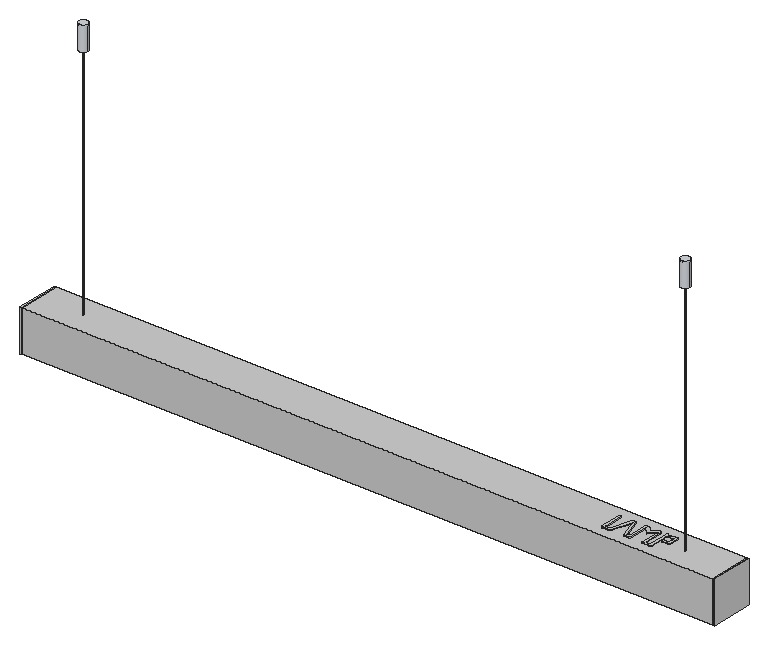
Revit family "LAMP_FIL 70 PRISMATIC SUSPENDED", category Luminarias, Revit 2015
Parameters (values of type "1162MM 2600LM 3000K GREY")
  Ángulo de inclinación = 90.00°
  Weight = 2.625 kg
  Type = "MID POWER PHILIPS"
  Suspension [instance] = 400.00 mm
  Protection rating = "IP42, IK06"
  Product datasheet = "https://www.lamp.es/product-files/TECH/F71SF120LOPR830NG-EN.pdf"
  Product code = "F71SF120LOPR830NG\r\nF71SF120LOPR830NG"
  Product URL = "https://www.lamp.es/en/family/fil-70_33399"
  Power Supply = "220-240V 50-60Hz"
  Power = 17 W
  Plum = 19.2 W
  NO COVER 2 [instance] = not(END COVER 2)  # no
  NO COVER 1 [instance] = not(END COVER 1)  # no
  Modelo = Product code  # "F71SF120LOPR830NG\r\nF71SF120LOPR830NG"
  Model explanation = "Availability of switching between accessories through visibility parameters when placed in a project."
  Material codo = LAMP_Aluminio Perfil Fil GR
  Material Difusor = LAMP_PC Difusor Prismático Fil
  Manufacturer name = "LAMP"
  Manufacturer country = "Spain"
  Manufacturer URL = "http://www.lamp.es/en"
  MacAdam = "3"
  Luminaire type = "Indoor - Modular System"
  Last update = "14/08/2020"
  Installation instructions = "https://www.lamp.es/product-files/INS/1002960-J-INSTR.%20ESTRUCTURA%20FIL%2070.pdf"
  IEE = "A+"
  Gear = "Electronic"
  Finish = "Gloss Grey"
  Fabricante = Manufacturer name  # "LAMP"
  Efficacy = 114.4 lm/W
  END COVER 2 [instance] = yes
  END COVER 1 [instance] = yes
  Descripción = "FIL 70 PRISM SUS 2600 WW GR."
  Comentarios de tipo = Model explanation  # "Availability of switching between accessories through visibility parameters when placed in a project."
  CRI = "80"
  LED Lifetime = "50000 L80 B10"
  Dimensiones = "1.162x70x70mm"
  Wattage = 19.4 W
  UniClass 2.0 Descripción = ""
  UniClass 2.0 Code = Product code  # "F71SF120LOPR830NG\r\nF71SF120LOPR830NG"
  UniClass 1.4 Descripción = ""
  UniClass 1.4 Code = Product code  # "F71SF120LOPR830NG\r\nF71SF120LOPR830NG"
  built-in parameter 1150110 = 1 (stored number, unit not read)
  Omniclass Descripción = ""
  OmniClass Code = ""
  Material Perfil = LAMP_Aluminio Perfil Fil GR
  Lámpara = "LED MID-POWER"
  Largo = 1162.00 mm
  IFC Clasificación = "Light Fixture"
  built-in parameter 1114217 = 1 (stored number, unit not read)
  built-in parameter 1150109 = 1 (stored number, unit not read)
  Suspension distance [instance] = if(Suspension > 4000.00 mm, 4000.00 mm, Suspension)  # 400.00 mm
  built-in parameter 1150134 = (empty or 0)
  built-in parameter 1150113 = 1 (stored number, unit not read)
  Lumens = 2219.36 lm
  built-in parameter 1150115 = 1 (stored number, unit not read)
  built-in parameter 1150105 = 176.61 (stored number, unit not read)
  built-in parameter 1150137 = (empty or 0)
  built-in parameter 1150139 = (empty or 0)
  built-in parameter 1150112 = 1 (stored number, unit not read)
  built-in parameter 1150114 = 1 (stored number, unit not read)
  built-in parameter 1150132 = 2
  built-in parameter 1150102 = (empty or 0)
  built-in parameter 1150138 = (empty or 0)
  built-in parameter 1150107 = 3000 (stored number, unit not read)
  built-in parameter 1150106 = 1.7661 (stored number, unit not read)
  Emit from Line Length = Largo  # 1162.00 mm
  built-in parameter 1150104 = 10.628 (stored number, unit not read)
  Insulation class = "I"
  Dimming Lamp Color Temperature Shift = (empty or 0)
  Color Filter = 16777215
  built-in parameter 1114218 = 1 (stored number, unit not read)
  CORNER 2 RIGHT [instance] = and(NO COVER 2, ACC CORNER 2, not(CORNER 2 LEFT))  # no
  CORNER 2 LEFT [instance] = and(NO COVER 2, ACC CORNER 2, CHANGE SIDE CORNER 2)  # no
  CORNER 1 RIGHT [instance] = and(NO COVER 1, ACC CORNER 1, not(CORNER 1 LEFT))  # no
  CORNER 1 LEFT [instance] = and(NO COVER 1, ACC CORNER 1, CHANGE SIDE CORNER 1)  # no
  CHANGE SIDE CORNER 2 [instance] = no
  CHANGE SIDE CORNER 1 [instance] = no
  Archivo de red fotométrica = "14741603.IES"
  ACC CORNER 2 [instance] = no
  ACC CORNER 1 [instance] = no
  built-in parameter 1150133 = 10 (stored number, unit not read)
Types (16, lengths in mm): name | Weight | Product datasheet | Product code | Power | Plum | Modelo | Material codo | Finish | Efficacy | Descripción | Dimensiones | Wattage | UniClass 2.0 Code | UniClass 1.4 Code | Material Perfil | Largo | built-in parameter 1150134 | Lumens | built-in parameter 1150105 | built-in parameter 1150107 | built-in parameter 1150106 | Emit from Line Length | built-in parameter 1150104 | Archivo de red fotométrica
  1162MM 2600LM 3000K GREY | 2.625 kg | "https://www.lamp.es/product-files/TECH/F71SF120LOPR830NG-EN.pdf" | "F71SF120LOPR830NG\r\nF71SF120LOPR830NG" | 17 W | 19.2 W | "F71SF120LOPR830NG\r\nF71SF120LOPR830NG" | LAMP_Aluminio Perfil Fil GR | "Gloss Grey" | 114.4 lm/W | "FIL 70 PRISM SUS 2600 WW GR." | "1.162x70x70mm" | 19.4 W | "F71SF120LOPR830NG\r\nF71SF120LOPR830NG" | "F71SF120LOPR830NG\r\nF71SF120LOPR830NG" | LAMP_Aluminio Perfil Fil GR | 1162.00 | (empty or 0) | 2219.36 lm | 176.61 (stored number, unit not read) | 3000 (stored number, unit not read) | 1.7661 (stored number, unit not read) | 1162.00 | 10.628 (stored number, unit not read) | "14741603.IES"
  1162MM 2600LM 3000K WHITE | 2.625 kg | "https://www.lamp.es/product-files/TECH/F71SF120LOPR830NW-EN.pdf" | "F71SF120LOPR830NW" | 17 W | 19.2 W | "F71SF120LOPR830NW" | LAMP_Aluminio Perfil Fil BL | "Matt White" | 114.4 lm/W | "FIL 70 PRISM SUS 2600 WW WH." | "1.162x70x70mm" | 19.4 W | "F71SF120LOPR830NW" | "F71SF120LOPR830NW" | LAMP_Aluminio Perfil Fil BL | 1162.00 | (empty or 0) | 2219.36 lm | 176.61 (stored number, unit not read) | 3000 (stored number, unit not read) | 1.7661 (stored number, unit not read) | 1162.00 | 10.628 (stored number, unit not read) | "14741600.IES"
  1162MM 2600LM 4000K GREY | 2.625 kg | "https://www.lamp.es/product-files/TECH/F71SF120LOPR840NG-EN.pdf" | "F71SF120LOPR840NG" | 17 W | 19.2 W | "F71SF120LOPR840NG" | LAMP_Aluminio Perfil Fil GR | "Gloss Grey" | 118.6 lm/W | "FIL 70 PRISM SUS 2600 NW GR." | "1.162x70x70mm" | 19.4 W | "F71SF120LOPR840NG" | "F71SF120LOPR840NG" | LAMP_Aluminio Perfil Fil GR | 1162.00 | 12 | 2300.84 lm | 183.1 (stored number, unit not read) | 4000 (stored number, unit not read) | 1.831 (stored number, unit not read) | 1162.00 | 11.018 (stored number, unit not read) | "14740603.IES"
  1162MM 2600LM 4000K WHITE | 2.625 kg | "https://www.lamp.es/product-files/TECH/F71SF120LOPR840NG-EN.pdf" | "F71SF120LOPR840NW" | 17 W | 19.2 W | "F71SF120LOPR840NW" | LAMP_Aluminio Perfil Fil BL | "Matt White" | 118.6 lm/W | "FIL 70 PRISM SUS 2600 NW WH." | "1.162x70x70mm" | 19.4 W | "F71SF120LOPR840NW" | "F71SF120LOPR840NW" | LAMP_Aluminio Perfil Fil BL | 1162.00 | 12 | 2300.84 lm | 183.1 (stored number, unit not read) | 4000 (stored number, unit not read) | 1.831 (stored number, unit not read) | 1162.00 | 11.018 (stored number, unit not read) | "14740600.IES"
  1162MM 4400LM 3000K GREY | 2.625 kg | "https://www.lamp.es/product-files/TECH/F71SF120HOPR830NG-EN.pdf" | "F71SF120HOPR830NG" | 28 W | 30.7 W | "F71SF120HOPR830NG" | LAMP_Aluminio Perfil Fil GR | "Gloss Grey" | 117.3 lm/W | "FIL 70 PRISM SUS 4400 WW GR." | "1.162x70x70mm" | 29.9 W | "F71SF120HOPR830NG" | "F71SF120HOPR830NG" | LAMP_Aluminio Perfil Fil GR | 1162.00 | (empty or 0) | 3507.27 lm | 279.1 (stored number, unit not read) | 3000 (stored number, unit not read) | 2.791 (stored number, unit not read) | 1162.00 | 10.898 (stored number, unit not read) | "14741613.IES"
  1162MM 4400LM 3000K WHITE | 2.625 kg | "https://www.lamp.es/product-files/TECH/F71SF120HOPR830NW-EN.pdf" | "F71SF120HOPR830NW" | 28 W | 30.7 W | "F71SF120HOPR830NW" | LAMP_Aluminio Perfil Fil BL | "Matt White" | 117.3 lm/W | "FIL 70 PRISM SUS 4400 WW WH." | "1.162x70x70mm" | 29.9 W | "F71SF120HOPR830NW" | "F71SF120HOPR830NW" | LAMP_Aluminio Perfil Fil BL | 1162.00 | (empty or 0) | 3507.27 lm | 279.1 (stored number, unit not read) | 3000 (stored number, unit not read) | 2.791 (stored number, unit not read) | 1162.00 | 10.898 (stored number, unit not read) | "14741610.IES"
  1162MM 4400LM 4000K GREY | 2.625 kg | "https://www.lamp.es/product-files/TECH/F71SF120HOPR840NG-EN.pdf" | "F71SF120HOPR840NG" | 28 W | 30.7 W | "F71SF120HOPR840NG" | LAMP_Aluminio Perfil Fil GR | "Gloss Grey" | 121.6 lm/W | "FIL 70 PRISM SUS 4400 NW GR" | "1.162x70x70mm" | 29.9 W | "F71SF120HOPR840NG" | "F71SF120HOPR840NG" | LAMP_Aluminio Perfil Fil GR | 1162.00 | 12 | 3635.84 lm | 289.33 (stored number, unit not read) | 4000 (stored number, unit not read) | 2.8933 (stored number, unit not read) | 1162.00 | 11.297 (stored number, unit not read) | "14740613.IES"
  1162MM 4400LM 4000K WHITE | 2.625 kg | "https://www.lamp.es/product-files/TECH/F71SF120HOPR840NW-EN.pdf" | "F71SF120HOPR840NW" | 28 W | 30.7 W | "F71SF120HOPR840NW" | LAMP_Aluminio Perfil Fil BL | "Gloss Grey" | 121.6 lm/W | "FIL 70 PRISM SUS 4400 NW WH." | "1.162x70x70mm" | 29.9 W | "F71SF120HOPR840NW" | "F71SF120HOPR840NW" | LAMP_Aluminio Perfil Fil BL | 1162.00 | 12 | 3635.84 lm | 289.33 (stored number, unit not read) | 4000 (stored number, unit not read) | 2.8933 (stored number, unit not read) | 1162.00 | 11.297 (stored number, unit not read) | "14740610.IES"
  1743MM 3900LM 3000K GREY | 4.145 kg | "https://www.lamp.es/product-files/TECH/F71SF170LOPR830NG-EN.pdf" | "F71SF170LOPR830NG" | 25 W | 29.7 W | "F71SF170LOPR830NG" | LAMP_Aluminio Perfil Fil GR | "Gloss Grey" | 124.2 lm/W | "FIL 70 PRISM SUS 3900 WW GR." | "1.743x70x70mm" | 26.8 W | "F71SF170LOPR830NG" | "F71SF170LOPR830NG" | LAMP_Aluminio Perfil Fil GR | 1743.00 | (empty or 0) | 3328.56 lm | 264.88 (stored number, unit not read) | 3000 (stored number, unit not read) | 2.6488 (stored number, unit not read) | 1743.00 | 11.539 (stored number, unit not read) | "14741623.IES"
  1743MM 3900LM 3000K WHITE | 4.145 kg | "https://www.lamp.es/product-files/TECH/F71SF170LOPR830NW-EN.pdf" | "F71SF170LOPR830NW" | 25 W | 29.7 W | "F71SF170LOPR830NW" | LAMP_Aluminio Perfil Fil BL | "Matt White" | 117.3 lm/W | "FIL 70 PRISM SUS 3900 WW WH." | "1.743x70x70mm" | 29.9 W | "F71SF170LOPR830NW" | "F71SF170LOPR830NW" | LAMP_Aluminio Perfil Fil BL | 1743.00 | (empty or 0) | 3507.27 lm | 279.1 (stored number, unit not read) | 3000 (stored number, unit not read) | 2.791 (stored number, unit not read) | 1743.00 | 10.898 (stored number, unit not read) | "14741620.IES"
  1743MM 3900LM 4000K GREY | 4.145 kg | "https://www.lamp.es/product-files/TECH/F71SF170LOPR840NG-EN.pdf" | "F71SF170LOPR840NG" | 25 W | 29.7 W | "F71SF170LOPR840NG" | LAMP_Aluminio Perfil Fil GR | "Gloss Grey" | 128.7 lm/W | "FIL 70 PRISM SUS 3900 NW GR." | "1.743x70x70mm" | 26.8 W | "F71SF170LOPR840NG" | "F71SF170LOPR840NG" | LAMP_Aluminio Perfil Fil GR | 1743.00 | 12 | 3449.16 lm | 274.48 (stored number, unit not read) | 4000 (stored number, unit not read) | 2.7448 (stored number, unit not read) | 1743.00 | 11.957 (stored number, unit not read) | "14740623.IES"
  1743MM 3900LM 4000K WHITE | 4.145 kg | "https://www.lamp.es/product-files/TECH/F71SF170LOPR840NW-EN.pdf" | "F71SF170LOPR840NW" | 25 W | 29.7 W | "F71SF170LOPR840NW" | LAMP_Aluminio Perfil Fil BL | "Matt White" | 128.7 lm/W | "FIL 70 PRISM SUS 3900 NW WH." | "1.743x70x70mm" | 26.8 W | "F71SF170LOPR840NW" | "F71SF170LOPR840NW" | LAMP_Aluminio Perfil Fil BL | 1743.00 | 12 | 3449.16 lm | 274.48 (stored number, unit not read) | 4000 (stored number, unit not read) | 2.7448 (stored number, unit not read) | 1743.00 | 11.957 (stored number, unit not read) | "14740620.IES"
  1743MM 6600LM 3000K GREY | 4.145 kg | "https://www.lamp.es/product-files/TECH/F71SF170HOPR830NG-EN.pdf" | "F71SF170HOPR830NG" | 41 W | 45.8 W | "F71SF170HOPR830NG" | LAMP_Aluminio Perfil Fil GR | "Gloss Grey" | 122.9 lm/W | "FIL 70 PRISM SUS 6600 WW GR." | "1.743x70x70mm" | 42.8 W | "F71SF170HOPR830NG" | "F71SF170HOPR830NG" | LAMP_Aluminio Perfil Fil GR | 1743.00 | (empty or 0) | 5260.12 lm | 418.59 (stored number, unit not read) | 3000 (stored number, unit not read) | 4.1859 (stored number, unit not read) | 1743.00 | 11.418 (stored number, unit not read) | "14741633.IES"
  1743MM 6600LM 3000K WHITE | 4.145 kg | "https://www.lamp.es/product-files/TECH/F71SF170HOPR830NW-EN.pdf" | "F71SF170HOPR830NW" | 41 W | 45.8 W | "F71SF170HOPR830NW" | LAMP_Aluminio Perfil Fil BL | "Matt White" | 122.9 lm/W | "FIL 70 PRISM SUS 6600 WW WH." | "1.743x70x70mm" | 42.8 W | "F71SF170HOPR830NW" | "F71SF170HOPR830NW" | LAMP_Aluminio Perfil Fil BL | 1743.00 | (empty or 0) | 5260.12 lm | 418.59 (stored number, unit not read) | 3000 (stored number, unit not read) | 4.1859 (stored number, unit not read) | 1743.00 | 11.418 (stored number, unit not read) | "14741630.IES"
  1743MM 6600LM 4000K GREY | 4.145 kg | "https://www.lamp.es/product-files/TECH/F71SF170HOPR840NG-EN.pdf" | "F71SF170HOPR840NG" | 41 W | 45.8 W | "F71SF170HOPR840NG" | LAMP_Aluminio Perfil Fil GR | "Gloss Grey" | 127.4 lm/W | "FIL 70 PRISM SUS 6600 NW GR." | "1.743x70x70mm" | 42.8 W | "F71SF170HOPR840NG" | "F71SF170HOPR840NG" | LAMP_Aluminio Perfil Fil GR | 1743.00 | 12 | 5452.72 lm | 433.91 (stored number, unit not read) | 4000 (stored number, unit not read) | 4.3391 (stored number, unit not read) | 1743.00 | 11.836 (stored number, unit not read) | "14740633.IES"
  1743MM 6600LM 4000K WHITE | 4.145 kg | "https://www.lamp.es/product-files/TECH/F71SF170HOPR840NW-EN.pdf" | "F71SF170HOPR840NW" | 41 W | 45.8 W | "F71SF170HOPR840NW" | LAMP_Aluminio Perfil Fil BL | "Matt White" | 127.4 lm/W | "FIL 70 PRISM SUS 6600 NW WH." | "1.743x70x70mm" | 42.8 W | "F71SF170HOPR840NW" | "F71SF170HOPR840NW" | LAMP_Aluminio Perfil Fil BL | 1743.00 | 12 | 5452.72 lm | 433.91 (stored number, unit not read) | 4000 (stored number, unit not read) | 4.3391 (stored number, unit not read) | 1743.00 | 11.836 (stored number, unit not read) | "14740630.IES"
Reference planes
  plane 1 "Eje de origen de luz (F/P)": y = 0
  plane 2 "Techo": z = 2438.4
  plane 3 "Eje de origen de luz (I/D)": x = 0
  plane 4 "Elevación de origen de luz": z = 1928.4
  plane 5 "derecha": x = 1162
  plane 6: z = 2398.4
  plane 7 "Centro origen de luz": x = 581
  plane 8: z = 1998.4
Forms (mm)
  Extrusion 1, solid, material "LAMP_Aluminio Perfil Fil GR" <- "Material Perfil"
    sketch origin (0, 0, -99.116) x (0, 1, 0) y (0, 0, 1)
      loop
        line (-35, 2097.516) -> (-35, 2027.516) -> (35, 2027.516) -> (35, 2097.516) -> (-35, 2097.516)
    from 0 to 1162
  Extrusion 2, void
    sketch origin (0, 0, -99.116) x (0, 1, 0) y (0, 0, 1)
      loop
        line (-35, 2027.516) -> (35, 2027.516) -> (33.241, 2033.54) -> (-33.241, 2033.54) -> (-35, 2027.516)
    from 0 to 1162
  Extrusion 3, solid, material "LAMP_PC Difusor Prismático Fil" <- "Material Difusor"
    sketch origin (0, 0, -99.116) x (0, 1, 0) y (0, 0, 1)
      loop
        line (-32.899, 2029.507) -> (-34.049, 2027.516) -> (34.042, 2027.516) -> (32.893, 2029.507) -> (-32.899, 2029.507)
    from 0 to 1162
  Extrusion 4, solid
    sketch origin (0, 0, 0) x (1, 0, 0) y (0, 1, 0)
      loop
        circle (1087, 0) r 7.5
    from 2398.4 to 2438.4
  Extrusion 5, solid
    sketch origin (510, 0, 0) x (1, 0, 0) y (0, 1, 0)
      loop
        circle (577, 0) r 1
    from 1998.4 to 2398.4
  Extrusion 6, solid
    sketch origin (1130, 0, 0) x (-1, 0, 0) y (0, -1, 0)
      loop
        circle (1055, 0) r 7.5
    from 2398.4 to 2438.4
  Extrusion 7, solid
    sketch origin (620, 0, 0) x (-1, 0, 0) y (0, -1, 0)
      loop
        circle (545, 0) r 1
    from 1998.4 to 2398.4
  Extrusion 8, solid, material "LAMP_Aluminio Perfil Fil GR" <- "Material Perfil", visible <- "END COVER 2"
    sketch origin (0, 0, 0) x (0, 1, 0) y (0, 0, 1)
      loop
        line (-35, 1998.4) -> (-35, 1928.4) -> (35, 1928.4) -> (35, 1998.4) -> (-35, 1998.4)
    from 0 to -3
  Extrusion 9, solid, material "LAMP_Aluminio Perfil Fil GR" <- "Material Perfil", visible <- "END COVER 1"
    sketch origin (1162, 0, 0) x (0, 1, 0) y (0, 0, 1)
      loop
        line (-35, 1998.4) -> (-35, 1928.4) -> (35, 1928.4) -> (35, 1998.4) -> (-35, 1998.4)
    from 0 to 3
  Extrusion 10, solid, material "LAMP_Aluminio Perfil Fil GR" <- "Material Perfil"
    sketch origin (-726.601, -4572, 1998.4) x (-1, 0, 0) y (0, -1, 0)
      loop
        arc (-1687.779, -4554.725) -> (-1688.308, -4553.446) -> (-1689.587, -4552.917) r 1.808
        line (-1689.587, -4552.917) -> (-1700.6, -4552.917)
        arc (-1700.6, -4552.917) -> (-1701.692, -4553.266) -> (-1702.378, -4554.185) r 1.88
        line (-1702.378, -4554.185) -> (-1713.392, -4586.196) -> (-1724.346, -4554.36)
        arc (-1724.346, -4554.36) -> (-1724.99, -4553.498) -> (-1726.015, -4553.17) r 1.764
        line (-1726.015, -4553.17) -> (-1733.947, -4553.17)
        arc (-1733.947, -4553.17) -> (-1735.197, -4553.688) -> (-1735.715, -4554.938) r 1.768
        line (-1735.715, -4554.938) -> (-1735.715, -4586.398) -> (-1745.675, -4576.438) -> (-1755.634, -4586.398) -> (-1755.634, -4554.633)
        arc (-1755.634, -4554.633) -> (-1756.137, -4553.42) -> (-1757.351, -4552.917) r 1.717
        line (-1757.351, -4552.917) -> (-1769.667, -4552.917)
        arc (-1769.667, -4552.917) -> (-1770.981, -4553.461) -> (-1771.525, -4554.775) r 1.858
        line (-1771.525, -4554.775) -> (-1771.525, -4584.857)
        arc (-1771.525, -4584.857) -> (-1772.052, -4586.127) -> (-1773.321, -4586.653) r 1.796
        line (-1773.321, -4586.653) -> (-1781.676, -4586.653)
        arc (-1781.676, -4586.653) -> (-1782.984, -4586.111) -> (-1783.525, -4584.803) r 1.849
        line (-1783.525, -4584.803) -> (-1783.525, -4578.491)
        arc (-1783.525, -4578.491) -> (-1782.987, -4577.191) -> (-1781.688, -4576.653) r 1.838
        line (-1781.688, -4576.653) -> (-1773.994, -4576.653)
        arc (-1773.994, -4576.653) -> (-1771.994, -4574.653) -> (-1773.994, -4572.653) r 2
        line (-1773.994, -4572.653) -> (-1785.733, -4572.653)
        arc (-1785.733, -4572.653) -> (-1787, -4573.178) -> (-1787.525, -4574.446) r 1.793
        line (-1787.525, -4574.446) -> (-1787.525, -4588.771)
        arc (-1787.525, -4588.771) -> (-1786.974, -4590.102) -> (-1785.644, -4590.653) r 1.882
        line (-1785.644, -4590.653) -> (-1769.384, -4590.653)
        arc (-1769.384, -4590.653) -> (-1768.07, -4590.109) -> (-1767.525, -4588.795) r 1.858
        line (-1767.525, -4588.795) -> (-1767.525, -4558.724)
        arc (-1767.525, -4558.724) -> (-1766.981, -4557.41) -> (-1765.667, -4556.865) r 1.859
        line (-1765.667, -4556.865) -> (-1761.552, -4556.865)
        arc (-1761.552, -4556.865) -> (-1760.245, -4557.407) -> (-1759.704, -4558.714) r 1.849
        line (-1759.704, -4558.714) -> (-1759.704, -4586.97)
        arc (-1759.704, -4586.97) -> (-1756.802, -4591.003) -> (-1752.057, -4589.533) r 4.253
        line (-1752.057, -4589.533) -> (-1745.675, -4583.151) -> (-1739.293, -4589.533)
        arc (-1739.293, -4589.533) -> (-1734.547, -4591.003) -> (-1731.645, -4586.97) r 4.253
        line (-1731.645, -4586.97) -> (-1731.645, -4559.166)
        arc (-1731.645, -4559.166) -> (-1729.729, -4556.902) -> (-1727.18, -4558.419) r 2.295
        line (-1727.18, -4558.419) -> (-1716.974, -4588.097)
        arc (-1716.974, -4588.097) -> (-1713.392, -4590.653) -> (-1709.811, -4588.097) r 3.788
        line (-1709.811, -4588.097) -> (-1699.503, -4558.123)
        arc (-1699.503, -4558.123) -> (-1698.822, -4557.212) -> (-1697.74, -4556.865) r 1.864
        line (-1697.74, -4556.865) -> (-1693.556, -4556.865)
        arc (-1693.556, -4556.865) -> (-1692.299, -4557.386) -> (-1691.779, -4558.642) r 1.777
        line (-1691.779, -4558.642) -> (-1691.779, -4588.865)
        arc (-1691.779, -4588.865) -> (-1689.779, -4590.865) -> (-1687.779, -4588.865) r 2
        line (-1687.779, -4588.865) -> (-1687.779, -4554.725)
    from 0 to 1
Cuts and joins
  Extrusion 2 cuts Extrusion 1
Text (mm)
  text "Any modification of the parameters and properties of the LAMP BIM models must be executed and validated by the LAMP technical department.\n\nPhone: +34 93 736 68 00\n\nE-mail: lamp@lamp.es\n\n\n\nLAMP reserves the right to modify the technical specifications of its products." at (1194.247, -158.251, 1672.102), in view "Preview"
Dimensions and locks
  equal spacing: host sketch curve, plane 3 "Eje de origen de luz (I/D)", host sketch curve
  equal spacing: host sketch curve, plane 1 "Eje de origen de luz (F/P)", host sketch curve
  host sketch curve to host sketch curve = 3048.00 mm  (x2)
  "Largo": plane 3 "Eje de origen de luz (I/D)" to plane 5 "derecha"
  locked: cut or joined group of Extrusion 1, Extrusion 2 to cut or joined group of Extrusion 1, Extrusion 2 at 70  (x2)
  Extrusion 3 sketch curve to imposter light = 1.991 mm
  locked: cut or joined group of Extrusion 1, Extrusion 2 to Extrusion 2 sketch curve at 6.024
  locked: plane 2 "Techo" to plane 6 at 40
  equal spacing: plane 3 "Eje de origen de luz (I/D)", plane 7 "Centro origen de luz", plane 5 "derecha"
  locked: plane 8 to plane 4 "Elevación de origen de luz" at 70
  "Suspension": plane 6 to plane 8
  aligned and locked: plane 1 "Eje de origen de luz (F/P)" to imposter light
  aligned and locked: plane 4 "Elevación de origen de luz" to imposter light
  aligned and locked: plane 5 "derecha" to Extrusion 1
  aligned and locked: plane 4 "Elevación de origen de luz" to cut or joined group of Extrusion 1, Extrusion 2
  aligned and locked: plane 4 "Elevación de origen de luz" to Extrusion 2
  aligned and locked: plane 2 "Techo" to Extrusion 4
  aligned and locked: Extrusion 4 to plane 6
  aligned and locked: plane 6 to Extrusion 5
  aligned and locked: plane 5 "derecha" to Extrusion 3
  aligned and locked: plane 5 "derecha" to Extrusion 2
  aligned and locked: Extrusion 3 to plane 3 "Eje de origen de luz (I/D)"
  aligned and locked: cut or joined group of Extrusion 1, Extrusion 2 to plane 3 "Eje de origen de luz (I/D)"
  aligned and locked: imposter light to plane 7 "Centro origen de luz"
  aligned and locked: plane 2 "Techo" to Extrusion 6
  aligned and locked: Extrusion 6 to plane 6
  aligned and locked: plane 6 to Extrusion 7
  aligned and locked: Extrusion 2 to plane 3 "Eje de origen de luz (I/D)"
  aligned and locked: Extrusion 5 to cut or joined group of Extrusion 1, Extrusion 2
  aligned and locked: Extrusion 7 to cut or joined group of Extrusion 1, Extrusion 2
  aligned and locked: plane 8 to cut or joined group of Extrusion 1, Extrusion 2
  aligned and locked: Extrusion 8 to plane 8
  aligned and locked: plane 8 to Extrusion 9
  aligned and locked: plane 5 "derecha" to nested 1
  aligned and locked: plane 8 to nested 1
  aligned and locked: plane 8 to nested 2
  aligned and locked: Extrusion 9 to plane 5 "derecha"
  aligned and locked: nested 2 to plane 5 "derecha"
  aligned and locked: nested 3 to plane 8
  aligned and locked: nested 4 to plane 8
  aligned and locked: Extrusion 10 to plane 8
Automatic sketch dimensions
  plane 4 "Elevación de origen de luz" to Extrusion 1 sketch curve = 0.00 mm
  plane 1 "Eje de origen de luz (F/P)" to Extrusion 1 sketch curve = 35.00 mm
  Extrusion 1 sketch curve to plane 1 "Eje de origen de luz (F/P)" = 35.00 mm
  Extrusion 1 sketch curve to plane 4 "Elevación de origen de luz" = 70.00 mm
  plane 4 "Elevación de origen de luz" to Extrusion 2 sketch curve = 0.00 mm
  plane 1 "Eje de origen de luz (F/P)" to Extrusion 2 sketch curve = 35.00 mm
  Extrusion 2 sketch curve to Extrusion 2 sketch curve = 1.759 mm  (x2)
  Extrusion 2 sketch curve to plane 1 "Eje de origen de luz (F/P)" = 33.241 mm
  plane 4 "Elevación de origen de luz" to Extrusion 3 sketch curve = 0.00 mm
  plane 1 "Eje de origen de luz (F/P)" to Extrusion 3 sketch curve = 34.049 mm
  Extrusion 3 sketch curve to Extrusion 3 sketch curve = 1.149 mm  (x2)
  Extrusion 3 sketch curve to plane 1 "Eje de origen de luz (F/P)" = 32.893 mm
  plane 1 "Eje de origen de luz (F/P)" to Extrusion 4 sketch curve = 0.00 mm
  Extrusion 4 sketch curve to plane 5 "derecha" = 75.00 mm
  plane 1 "Eje de origen de luz (F/P)" to Extrusion 5 sketch curve = 0.00 mm
  Extrusion 5 sketch curve to plane 5 "derecha" = 75.00 mm
  plane 1 "Eje de origen de luz (F/P)" to Extrusion 6 sketch curve = 0.00 mm
  Extrusion 6 sketch curve to plane 3 "Eje de origen de luz (I/D)" = 75.00 mm
  plane 1 "Eje de origen de luz (F/P)" to Extrusion 7 sketch curve = 0.00 mm
  Extrusion 7 sketch curve to plane 3 "Eje de origen de luz (I/D)" = 75.00 mm
  plane 4 "Elevación de origen de luz" to Extrusion 8 sketch curve = 0.00 mm
  plane 1 "Eje de origen de luz (F/P)" to Extrusion 8 sketch curve = 35.00 mm
  Extrusion 8 sketch curve to plane 1 "Eje de origen de luz (F/P)" = 35.00 mm
  Extrusion 8 sketch curve to plane 4 "Elevación de origen de luz" = 70.00 mm
  plane 4 "Elevación de origen de luz" to Extrusion 9 sketch curve = 0.00 mm
  plane 1 "Eje de origen de luz (F/P)" to Extrusion 9 sketch curve = 35.00 mm
  Extrusion 9 sketch curve to plane 1 "Eje de origen de luz (F/P)" = 35.00 mm
  Extrusion 9 sketch curve to plane 4 "Elevación de origen de luz" = 70.00 mm
  Extrusion 10 sketch curve to plane 1 "Eje de origen de luz (F/P)" = 16.771 mm
  Extrusion 10 sketch curve to plane 5 "derecha" = 101.075 mm
  Extrusion 10 sketch curve to plane 1 "Eje de origen de luz (F/P)" = 0.653 mm
  Extrusion 10 sketch curve to Extrusion 10 sketch curve = 1.793 mm
  Extrusion 10 sketch curve to Extrusion 10 sketch curve = 1.882 mm
  Extrusion 10 sketch curve to Extrusion 10 sketch curve = 2.207 mm
  Extrusion 10 sketch curve to Extrusion 10 sketch curve = 1.838 mm
  Extrusion 10 sketch curve to Extrusion 10 sketch curve = 1.849 mm  (x2)
  Extrusion 10 sketch curve to Extrusion 10 sketch curve = 7.693 mm
  Extrusion 10 sketch curve to Extrusion 10 sketch curve = 8.355 mm
  Extrusion 10 sketch curve to Extrusion 10 sketch curve = 2.469 mm
  Extrusion 10 sketch curve to Extrusion 10 sketch curve = 1.858 mm  (x2)
  Extrusion 10 sketch curve to Extrusion 10 sketch curve = 3.938 mm
  Extrusion 10 sketch curve to Extrusion 10 sketch curve = 1.859 mm
  Extrusion 10 sketch curve to Extrusion 10 sketch curve = 4.114 mm
  Extrusion 10 sketch curve to Extrusion 10 sketch curve = 4.201 mm
  Extrusion 10 sketch curve to Extrusion 10 sketch curve = 4.07 mm  (x2)
  Extrusion 10 sketch curve to Extrusion 10 sketch curve = 0.184 mm  (x2)
  Extrusion 10 sketch curve to plane 1 "Eje de origen de luz (F/P)" = 17.533 mm  (x2)
  Extrusion 10 sketch curve to Extrusion 10 sketch curve = 3.394 mm  (x2)
  Extrusion 10 sketch curve to plane 1 "Eje de origen de luz (F/P)" = 4.438 mm
  Extrusion 10 sketch curve to Extrusion 10 sketch curve = 9.96 mm
  Extrusion 10 sketch curve to plane 1 "Eje de origen de luz (F/P)" = 11.151 mm
  Extrusion 10 sketch curve to Extrusion 10 sketch curve = 0.00 mm  (x2)
  Extrusion 10 sketch curve to plane 1 "Eje de origen de luz (F/P)" = 14.398 mm
  Extrusion 10 sketch curve to Extrusion 10 sketch curve = 1.768 mm
  Extrusion 10 sketch curve to Extrusion 10 sketch curve = 2.295 mm
  plane 1 "Eje de origen de luz (F/P)" to Extrusion 10 sketch curve = 13.581 mm
  Extrusion 10 sketch curve to Extrusion 10 sketch curve = 2.17 mm
  Extrusion 10 sketch curve to Extrusion 10 sketch curve = 1.166 mm
  plane 1 "Eje de origen de luz (F/P)" to Extrusion 10 sketch curve = 17.64 mm
  Extrusion 10 sketch curve to Extrusion 10 sketch curve = 1.668 mm
  Extrusion 10 sketch curve to plane 1 "Eje de origen de luz (F/P)" = 16.097 mm  (x2)
  Extrusion 10 sketch curve to Extrusion 10 sketch curve = 14.671 mm
  Extrusion 10 sketch curve to plane 1 "Eje de origen de luz (F/P)" = 14.196 mm
  Extrusion 10 sketch curve to Extrusion 10 sketch curve = 3.582 mm
  plane 1 "Eje de origen de luz (F/P)" to Extrusion 10 sketch curve = 17.815 mm
  Extrusion 10 sketch curve to Extrusion 10 sketch curve = 21.969 mm
  Extrusion 10 sketch curve to Extrusion 10 sketch curve = 1.778 mm
  plane 1 "Eje de origen de luz (F/P)" to Extrusion 10 sketch curve = 13.877 mm
  Extrusion 10 sketch curve to Extrusion 10 sketch curve = 1.098 mm
  Extrusion 10 sketch curve to Extrusion 10 sketch curve = 1.763 mm
  Extrusion 10 sketch curve to Extrusion 10 sketch curve = 4.184 mm
  Extrusion 10 sketch curve to Extrusion 10 sketch curve = 18.032 mm
  Extrusion 10 sketch curve to Extrusion 10 sketch curve = 2.00 mm
  Extrusion 10 sketch curve to Extrusion 10 sketch curve = 1.808 mm
  Extrusion 10 sketch curve to plane 1 "Eje de origen de luz (F/P)" = 16.865 mm
  Extrusion 10 sketch curve to Extrusion 10 sketch curve = 0.669 mm
  Extrusion 10 sketch curve to Extrusion 10 sketch curve = 2.118 mm
  Extrusion 10 sketch curve to Extrusion 10 sketch curve = 4.045 mm
  Extrusion 10 sketch curve to Extrusion 10 sketch curve = 0.606 mm
  plane 1 "Eje de origen de luz (F/P)" to Extrusion 10 sketch curve = 13.276 mm
  Extrusion 10 sketch curve to Extrusion 10 sketch curve = 4.228 mm
  Extrusion 10 sketch curve to Extrusion 10 sketch curve = 0.612 mm
  Extrusion 10 sketch curve to Extrusion 10 sketch curve = 3.949 mm
  radius of Extrusion 4 sketch curve = 7.50 mm
  radius of Extrusion 5 sketch curve = 1.00 mm
  radius of Extrusion 6 sketch curve = 7.50 mm
  radius of Extrusion 7 sketch curve = 1.00 mm
Nested families
  nested 1: "LAMP_FIL + LED ACC SUSPENDED 90º CORNER" at (1162, 35, 1928.4), Material <- "Material codo", visible <- "CORNER 1 RIGHT", type "GREY"
    with Material LAMP_Aluminio Perfil Fil GR
  nested 2: "LAMP_FIL + LED ACC SUSPENDED 90º CORNER" at (1252, 55, 1928.4) x (0, -1, 0) z (0, 0, 1), Material <- "Material codo", visible <- "CORNER 1 LEFT", type "GREY"
    with Material LAMP_Aluminio Perfil Fil GR
  nested 3: "LAMP_FIL + LED ACC SUSPENDED 90º CORNER" at (0, 35, 1928.4) x (-1, 0, 0) z (0, 0, 1), Material <- "Material codo", visible <- "CORNER 2 RIGHT", type "GREY"
    with Material LAMP_Aluminio Perfil Fil GR
  nested 4: "LAMP_FIL + LED ACC SUSPENDED 90º CORNER" at (-90, 55, 1928.4) x (0, -1, 0) z (0, 0, 1), Material <- "Material codo", visible <- "CORNER 2 LEFT", type "GREY"
    with Material LAMP_Aluminio Perfil Fil GR
Connectors
  electrical at (30, 0, 1998.4)
    settings: on Extrusion 1, index 1, voltage 240 V, apparent load 0 VA, apparent load phase1 0 VA, apparent load phase2 0 VA, apparent load phase3 0 VA, power factor 1, load classification "Otro", number of poles 1, system type 30, power factor state 1, is connector primary yes, connector utility no, sub classification motor no, connector description ""
Definition of nested family "LAMP_FIL + LED ACC SUSPENDED 90º CORNER"
  Parameters (values of type "WHITE")
    Weight = 0.24 kg
    Product datasheet = "http://www.lamp.es/product-files/TECH/4700110-EN.pdf"
    Product code = "4700110"
    Model = Product code  # "4700110"
    Material [instance] = none
    Manufacturer name = "LAMP"
    Manufacturer country = "Spain"
    Manufacturer URL = "http://www.lamp.es/en"
    Last update = "09/05/2018"
    Installation instructions = ""
    Finish = "Matt White"
    Manufacturer = Manufacturer name  # "LAMP"
    Description = "FIL + ACC. SUS 90º CORNER WH."
    Accessory Type = "Assembly"
  Types (2, lengths in mm): name | Product datasheet | Product code | Model | Finish | Description
    GREY | "http://www.lamp.es/product-files/TECH/4700113-EN.pdf" | "4700113" | "4700113" | "Gloss Grey" | "FIL + ACC. SUS 90º CORNER GR."
    WHITE | "http://www.lamp.es/product-files/TECH/4700110-EN.pdf" | "4700110" | "4700110" | "Matt White" | "FIL + ACC. SUS 90º CORNER WH."
  Reference planes
    plane 1 "Centro (Frontal/Posterior)": y = 0
    plane 2: z = 0
    plane 3 "Centro (Izquierda/Derecha)": x = 0
  Forms (mm)
    Sweep 1, solid, material <- "Material"
      path origin (0, 0, 0) x (1, 0, 0) y (0, 1, 0)
        loop
          line (0, 0) -> (90, 0) -> (90, -90)
      profile origin (45, 0, 0) x (0, 1, 0) y (0, 0, 1)
        loop
          line (-70, 0) -> (0, 0) -> (0, 70) -> (-70, 70) -> (-70, 0)
  Text (mm)
    text "Any modification of the parameters and properties of the LAMP BIM models must be executed and validated by the LAMP technical department.\n\nPhone: +34 93 736 68 00\n\nE-mail: lamp@lamp.es\n\n\n\nLAMP reserves the right to modify the technical specifications of its products." at (15168.82, -59287.277, 21078.712), in view "Preview"
  Dimensions and locks
    aligned and locked: level to plane 2
